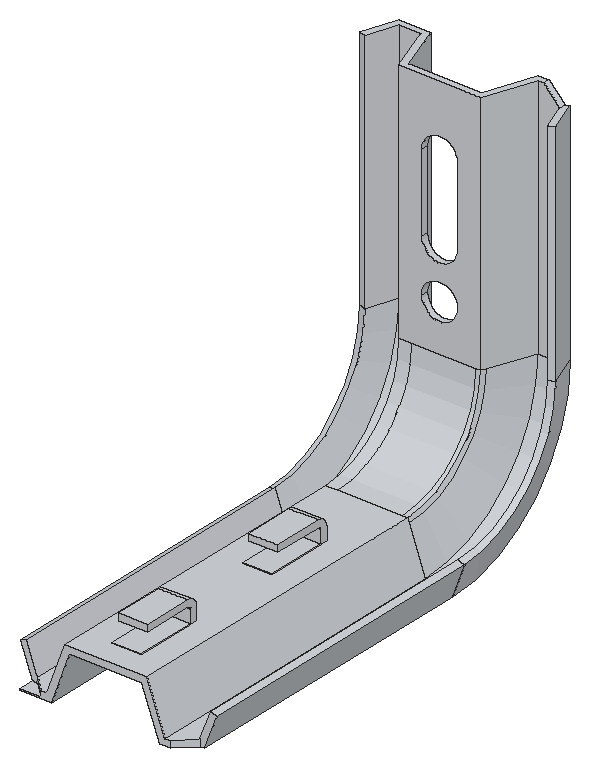
Revit family "stielausleger", category Generic Models, Revit 2017
Family settings
  Can host rebar = No
  Round Connector Dimension = Use Diameter
  Part Type = Normal
  Work Plane-Based = No
  Always vertical = Yes
  Cut with Voids When Loaded = No
  Shared = No
  Room Calculation Point = No
Parameters (values of type "TPSAG 145 FS")
  URL = "http://www.obo-bettermann.com"
  Material = Strip-galvanised
  Manufacturer Art.No. = "6366015"
  Manufacturer = "Obo Bettermann"
  Length = 145 mm
  GTIN = "4012196627554"
  Cut's number = 2
  Article Type = "TPSAG 145 FS"
Reference planes
  plane 1 "Center (Front/Back)": y = 0
  plane 2: z = 0
  plane 3 "Center (Left/Right)": x = 0
  plane 4: x = 18
  plane 5: x = 30
  plane 6: z = 10
  plane 7: y = 34.16
  plane 8: x = -4.5
  plane 9: x = 4.5
  plane 10: y = 84.16
  plane 11: x = -20
  plane 12: x = 20
  plane 13: y = 12.16
  plane 14: y = 12.16
  plane 15: x = -25
  plane 16: x = 25
  plane 17: z = 115
  plane 18: x = -20
  plane 19: x = 20
  plane 20: x = 25
  plane 21: x = -25
  plane 22: z = 105
  plane 23: z = 65
  plane 24: z = 57.404
  plane 25: y = 7.16
  plane 26: y = 152.16
Forms (mm)
  Sweep 1, solid
    path origin (0, 0, 0) x (0, 1, 0) y (0, 0, 1)
      loop
        line (7.16, 0) -> (107.16, 0)
        arc (107.16, 0) -> (138.979, 13.18) -> (152.16, 45) r 45
        line (152.16, 45) -> (152.16, 120)
    profile origin (0, 57.16, 0) x (0, 0, 1) y (1, 0, 0)
      loop
        line (14.886, 11.133) -> (14.886, -8.867) -> (14.886, -11.134) -> (-0.288, -16.657) -> (-0.288, -26.255) -> (10, -30) -> (10.684, -28.121) -> (1.712, -24.855) -> (1.712, -18.106) -> (15.571, -13.015) -> (16.886, -12.532) -> (16.886, -8.867) -> (16.886, 11.133) -> (16.886, 12.532) -> (15.571, 13.015) -> (2, 18) -> (2, 24.96) -> (10.684, 28.121) -> (10, 30) -> (0, 26.36) -> (0, 16.551) -> (14.886, 11.133)
  Extrusion 2, solid
    sketch origin (0, 0, 0) x (0, 1, 0) y (0, 0, 1)
      loop
        line (34.16, 16.886) -> (36.16, 16.886) -> (36.16, 20.886)
        arc (36.16, 20.886) -> (35.281, 23.007) -> (33.16, 23.886) r 3
        line (33.16, 23.886) -> (17.653, 23.886) -> (17.653, 21.886) -> (33.16, 21.886)
        arc (33.16, 21.886) -> (33.867, 21.593) -> (34.16, 20.886) r 1
        line (34.16, 20.886) -> (34.16, 16.886)
    from -4.5 to 4.5
  Extrusion 3, solid
    sketch origin (0, 0, 0) x (1, 0, 0) y (0, 1, 0)
      loop
        line (-4.5, 34.16) -> (-4.5, 15.16) -> (4.5, 15.16) -> (4.5, 34.16) -> (-4.5, 34.16)
    from 14.886 to 16.886
  Extrusion 4, solid
    sketch origin (0, 50, 0) x (1, 0, 0) y (0, 1, 0)
      loop
        line (-4.5, 34.16) -> (-4.5, 15.16) -> (4.5, 15.16) -> (4.5, 34.16) -> (-4.5, 34.16)
    from 14.886 to 16.886
  Extrusion 5, solid
    sketch origin (0, 50, -0.002) x (0, 1, 0) y (0, 0, 1)
      loop
        line (34.16, 16.886) -> (36.16, 16.886) -> (36.16, 20.886)
        arc (36.16, 20.886) -> (35.281, 23.007) -> (33.16, 23.886) r 3
        line (33.16, 23.886) -> (17.653, 23.886) -> (17.653, 21.886) -> (33.16, 21.886)
        arc (33.16, 21.886) -> (33.867, 21.593) -> (34.16, 20.886) r 1
        line (34.16, 20.886) -> (34.16, 16.886)
    from -4.5 to 4.5
  Extrusion 6, void
    sketch origin (0, 0, 0) x (1, 0, 0) y (0, 1, 0)
      loop
        line (-20, 7.16) -> (-25, 12.16) -> (-30, 12.16) -> (-30, 7.16) -> (-20, 7.16)
      loop
        line (20, 7.16) -> (30, 7.16) -> (30, 12.16) -> (25, 12.16) -> (20, 7.16)
    from 0 to 10.684
  Extrusion 7, void
    sketch origin (0, 0, 0) x (1, 0, 0) y (0, 0, 1)
      loop
        circle (0, 59.408) r 5.5
    from -135.274 to -152.16
  Extrusion 8, void
    sketch origin (0, 0, 0) x (1, 0, 0) y (0, 0, 1)
      loop
        arc (-5.5, 75.5) -> (0, 70) -> (5.5, 75.5) r 5.5
        line (5.5, 75.5) -> (5.5, 99.5)
        arc (5.5, 99.5) -> (0, 105) -> (-5.5, 99.5) r 5.5
        line (-5.5, 99.5) -> (-5.5, 75.5)
    from -135.274 to -152.16
  Extrusion 9, void
    sketch origin (0, 0, 0) x (1, 0, 0) y (0, 0, 1)
      loop
        line (19.967, 120) -> (24.967, 115) -> (30, 115) -> (30, 120) -> (19.967, 120)
    from -135.274 to -152.16
  Extrusion 10, void
    sketch origin (0, 0, 0) x (1, 0, 0) y (0, 0, 1)
      loop
        line (-19.973, 120) -> (-30, 120) -> (-30, 115) -> (-25.465, 115) -> (-19.973, 120)
    from -141.46 to -152.448
Cuts and joins
  Extrusion 6, Extrusion 7, Extrusion 8, Extrusion 9 cuts Sweep 1
Dimensions and locks
  locked: Sweep 1 sketch curve to Sweep 1 sketch curve at 145
  locked: Sweep 1 sketch curve to Sweep 1 sketch curve at 120
  locked: plane 1 "Center (Front/Back)" to Sweep 1 sketch curve at 152.16
  locked: plane 4 to profile plane at 18
  locked: Sweep 1 sketch curve to Sweep 1 sketch curve at 20  (x2)
  locked: Sweep 1 sketch curve to profile plane at 18
  locked: plane 6 to profile plane at 10
  locked: plane 5 to profile plane at 30
  locked: Sweep 1 sketch curve to profile plane at 30
  locked: Sweep 1 sketch curve to Sweep 1 sketch curve at 2  (x4)
  Sweep 1 sketch curve to Sweep 1 sketch curve = 2 mm  (x3)
  Sweep 1 sketch curve to profile plane = 12.532 mm
  locked: Sweep 1 sketch curve to profile plane at 28.121
  locked: profile plane to Sweep 1 sketch curve at 28.121
  locked: Extrusion 2 sketch curve to Extrusion 2 sketch curve at 2  (x2)
  locked: plane 3 "Center (Left/Right)" to plane 8 at 4.5
  locked: plane 9 to plane 3 "Center (Left/Right)" at 4.5
  locked: Extrusion 2 to Extrusion 2 at 9
  Extrusion 2 to plane 3 "Center (Left/Right)" = 4.5 mm
  locked: Extrusion 2 to Extrusion 2 at 2
  locked: Extrusion 2 to Sweep 1 at 25.5
  Extrusion 2 to Extrusion 2 = 9 mm
  group 1 to group 2 = 0 mm  (x2)
  group 1 to group 2 = 50 mm
  locked: Extrusion 5 sketch curve to Extrusion 5 sketch curve at 2  (x2)
  locked: Extrusion 5 to Extrusion 5 at 9
  locked: Extrusion 5 to Extrusion 5 at 2
  group 3 to group 4 = 0 mm
  group 3 to group 4 = 50 mm
  group 4 to group 3 = 0.002 mm
  locked: plane 3 "Center (Left/Right)" to plane 12 at 20
  locked: plane 11 to plane 3 "Center (Left/Right)" at 20
  locked: plane 12 to plane 16 at 5
  locked: plane 14 to Sweep 1 at 5
  locked: plane 13 to Sweep 1 at 5
  plane 15 to plane 11 = 5 mm
  locked: cut or joined group of Sweep 1, Extrusion 6, Extrusion 7, Extrusion 8, Extrusion 9 to plane 17 at 5
  Extrusion 6 to plane 1 "Center (Front/Back)" = 12.16 mm
  locked: plane 3 "Center (Left/Right)" to plane 18 at 20
  locked: plane 19 to plane 3 "Center (Left/Right)" at 20
  locked: plane 18 to plane 21 at 5
  locked: plane 20 to plane 19 at 5
  locked: cut or joined group of Sweep 1, Extrusion 6, Extrusion 7, Extrusion 8, Extrusion 9 to plane 22 at 15
  plane 23 to plane 24 = 7.596 mm  (x2)
  locked: plane 3 "Center (Left/Right)" to Extrusion 8 sketch curve at 5.5
  locked: Extrusion 8 sketch curve to Extrusion 8 sketch curve at 11
  locked: cut or joined group of Sweep 1, Extrusion 6, Extrusion 7, Extrusion 8, Extrusion 9 to Extrusion 8 sketch curve at 15
  locked: cut or joined group of Sweep 1, Extrusion 6, Extrusion 7, Extrusion 8, Extrusion 9 to Extrusion 8 sketch curve at 50
  cut or joined group of Sweep 1, Extrusion 6, Extrusion 7, Extrusion 8, Extrusion 9 to cut or joined group of Sweep 1, Extrusion 6, Extrusion 7, Extrusion 8, Extrusion 9 = 145.288 mm
  "Length": plane 25 to plane 26
  diameter of Extrusion 7 sketch curve = 11 mm
  angle plane 4 to Sweep 1 sketch curve = 20.1705°
  angle Sweep 1 sketch curve to plane 5 = 20.00°
  aligned and locked: level to plane 2
  aligned and locked: Sweep 1 sketch curve to level  (x2)
  aligned and locked: plane 9 to Extrusion 2
  aligned and locked: Extrusion 2 to plane 8
  aligned and locked: Sweep 1 to Extrusion 3  (x2)
  aligned and locked: Extrusion 6 sketch curve to Sweep 1
  aligned and locked: plane 13 to Extrusion 6 sketch curve  (x2)
  aligned and locked: Sweep 1 to Extrusion 6 sketch curve  (x2)
  aligned and locked: Extrusion 6 sketch curve to Extrusion 6 sketch curve
  aligned and locked: Sweep 1 to Extrusion 6
  aligned and locked: Extrusion 6 to level
  aligned and locked: Extrusion 9 sketch curve to plane 17
  aligned and locked: Sweep 1 to Extrusion 7
  aligned and locked: Sweep 1 to Extrusion 8  (x2)
  aligned and locked: Sweep 1 to Extrusion 9
  aligned and locked: Extrusion 9 to Sweep 1
  aligned and locked: plane 25 to cut or joined group of Sweep 1, Extrusion 6, Extrusion 7, Extrusion 8, Extrusion 9
  aligned and locked: Extrusion 10 sketch curve to cut or joined group of Sweep 1, Extrusion 6, Extrusion 7, Extrusion 8, Extrusion 9  (x2)
  aligned and locked: Extrusion 10 to plane 17
Automatic sketch dimensions
  level to Sweep 1 sketch curve = 45 mm
  profile plane to Sweep 1 sketch curve = 0.288 mm
  Sweep 1 sketch curve to plane 6 = 0 mm  (x2)
  plane 6 to Sweep 1 sketch curve = 0.684 mm
  Sweep 1 sketch curve to plane 4 = 4.985 mm
  Sweep 1 sketch curve to Sweep 1 sketch curve = 1.315 mm
  Sweep 1 sketch curve to Sweep 1 sketch curve = 1.881 mm  (x2)
  Sweep 1 sketch curve to Sweep 1 sketch curve = 1.399 mm
  Sweep 1 sketch curve to Sweep 1 sketch curve = 3.665 mm
  Sweep 1 sketch curve to Sweep 1 sketch curve = 0.483 mm
  Sweep 1 sketch curve to Sweep 1 sketch curve = 1.449 mm
  Sweep 1 sketch curve to plane 4 = 1.449 mm
  Extrusion 2 sketch curve to plane 7 = 1 mm
  Extrusion 2 sketch curve to Extrusion 2 sketch curve = 0 mm  (x2)
  Extrusion 3 sketch curve to Extrusion 3 sketch curve = 19 mm
  Extrusion 4 sketch curve to Extrusion 4 sketch curve = 19 mm
  Extrusion 4 sketch curve to Extrusion 4 sketch curve = 9 mm
  Extrusion 3 sketch curve to Extrusion 3 sketch curve = 9 mm
  Extrusion 2 sketch curve to plane 7 = 0 mm
  Extrusion 2 sketch curve to Extrusion 2 sketch curve = 15.506 mm
  Extrusion 2 sketch curve to Extrusion 2 sketch curve = 4 mm
  Extrusion 5 sketch curve to plane 10 = 1 mm
  Extrusion 5 sketch curve to Extrusion 5 sketch curve = 0 mm  (x2)
  Extrusion 5 sketch curve to plane 10 = 0 mm
  Extrusion 5 sketch curve to Extrusion 5 sketch curve = 15.506 mm
  Extrusion 5 sketch curve to Extrusion 5 sketch curve = 4 mm
  Extrusion 6 sketch curve to plane 15 = 0 mm
  Extrusion 6 sketch curve to plane 11 = 0 mm
  Extrusion 6 sketch curve to plane 12 = 0 mm
  Extrusion 6 sketch curve to plane 16 = 0 mm
  Extrusion 7 sketch curve to plane 3 "Center (Left/Right)" = 0 mm
  plane 24 to Extrusion 7 sketch curve = 2.004 mm
  Extrusion 9 sketch curve to plane 20 = 0.033 mm
  Extrusion 9 sketch curve to plane 19 = 0.033 mm
  plane 20 to Extrusion 9 sketch curve = 5 mm
  Extrusion 9 sketch curve to Extrusion 9 sketch curve = 5 mm
  plane 18 to Extrusion 10 sketch curve = 0.027 mm
  Extrusion 10 sketch curve to plane 21 = 0.465 mm
  Extrusion 10 sketch curve to plane 17 = 0 mm
